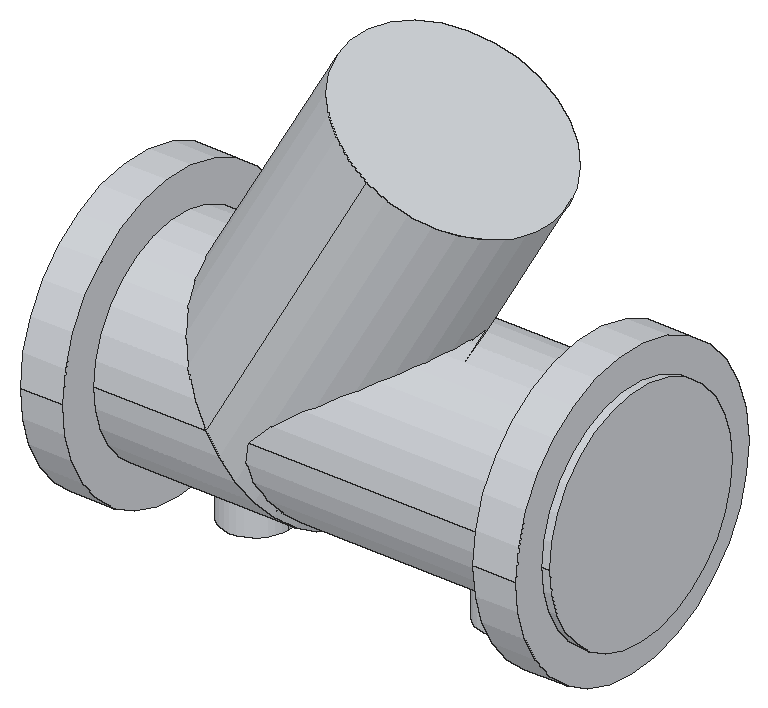
Revit family "HS 821-síto_standard-PN16-DN200-RFA_2019", category Pipe Accessories, Revit 2019
Family settings
  Round Connector Dimension = Use Diameter
  Part Type = Breaks Into
  Work Plane-Based = No
  Always vertical = Yes
  Cut with Voids When Loaded = No
  Shared = No
Parameters (values of type "821A-DN200-PN16-síto_standard")
  magiProductId = "8e5693371ab64aabb29a7f08c76e15"
  magiProductFamilyId = "79214ac3aaa945e397802f559f5c1e"
  magiPartTypeId = 307
  isMeasuringValve [instance] = no
  ang2D [instance] = 0.00°
  ZB__ve = -ZB  # -53 mm
  ZB1 = 107.73 mm
  ZB = 53 mm
  X2 = 188.361 mm
  X1 = 84 mm
  W2D = 15 mm
  VersionID = "2.0/2017.9.26.1/ZETKAMA_821_001"
  Use Minimum Symbol Size [instance] = yes
  URL = "www.hydronix.cz"
  Type Comments = "Filtr přírubový; síto standardní; A-PN16 (-10~300°C); D-PN25 (-10~350°C); F-PN40 (-10~400°C)"
  S = 266 mm
  QmdConnectorList = "301;D;302;D"
  Productdata [instance] = ""
  Manufacturer = "Hydronix"
  MC Product Code = "200 193 (821A; DN200; PN16; kvs707; oko síta 1,60mm)"
  LM1 = 48 mm
  LM = 480 mm
  L4 = 150 mm
  L2D_Min = 3048 mm
  L2D = 130 mm
  L2 = 300 mm
  HH2 = 326.25 mm
  FD = 340 mm
  Description = "Filtr přírubový; síto standardní; 821A-PN16; 821D-PN25; 821F-PN40"
  DM1 = 252 mm
  DM = 239.4 mm
  D = 200 mm
  CC = 10.2 mm
  CAT0 = yes
  C1 = 49.8 mm
  C = 60 mm
  BD = 75.411 mm
Types (40, lengths in mm): name | magiProductId | ZB__ve | ZB1 | ZB | X2 | X1 | S | MC Product Code | LM1 | LM | L4 | L2 | HH2 | FD | DM1 | DM | D | CC | C1 | C | BD
  821A-DN015-PN16-síto_standard | "a71bcfe8b393460598b23e8ddf7dc5" | -16.25 | 18.63 | 16.25 | 46.982 | 18.2 | 46 | "200 115 (821A; DN015; PN16; kvs6,3; oko síta 1,00mm)" | 10.4 | 104 | 32.5 | 65 | 81.375 | 95 | 27.6 | 41.4 | 15 | 2.21 | 10.79 | 13 | 13.041
  821A-DN020-PN16-síto_standard | "41cd6c7a12924f4991217528336076" | -17.75 | 22.68 | 17.75 | 51.673 | 21 | 56 | "200 120 (821A; DN020; PN16; kvs11,2; oko síta 1,00mm)" | 12 | 120 | 37.5 | 75 | 89.5 | 105 | 33.6 | 50.4 | 20 | 2.55 | 12.45 | 15 | 15.876
  821A-DN025-PN16-síto_standard | "be378b463ed14c3abf4c9b3ae8cf3a" | -19.25 | 26.325 | 19.25 | 58.601 | 22.4 | 65 | "200 125 (821A; DN025; PN16; kvs14,7; oko síta 1,00mm)" | 12.8 | 128 | 40 | 80 | 101.5 | 115 | 43.2 | 58.5 | 25 | 2.72 | 13.28 | 16 | 18.427
  821A-DN032-PN16-síto_standard | "227a0d18b21540afabe8b6067d35fa" | -23 | 30.78 | 23 | 68.849 | 25.2 | 76 | "200 132 (821A; DN032; PN16; kvs23,7; oko síta 1,00mm)" | 14.4 | 144 | 45 | 90 | 119.25 | 140 | 50.4 | 68.4 | 32 | 3.06 | 14.94 | 18 | 21.546
  821A-DN040-PN16-síto_standard | "d106917c74724141a10440112d0102" | -24.5 | 34.02 | 24.5 | 75.777 | 28 | 84 | "200 140 (821A; DN040; PN16; kvs37,7; oko síta 1,00mm)" | 16 | 160 | 50 | 100 | 131.25 | 150 | 60 | 75.6 | 40 | 3.4 | 16.6 | 20 | 23.814
  821A-DN050-PN16-síto_standard | "8255d456a09e4f6486734f5dd9171b" | -26.75 | 40.095 | 26.75 | 79.061 | 32.2 | 99 | "200 150 (821A; DN050 PN16; kvs57,9; oko síta 1,00mm)" | 18.4 | 184 | 57.5 | 115 | 136.938 | 165 | 73.8 | 89.1 | 50 | 3.91 | 19.09 | 23 | 28.066
  821A-DN065-PN16-síto_standard | "235b1b3e4c0843779a4d5e3716d40a" | -29.75 | 47.79 | 29.75 | 86.927 | 40.6 | 118 | "200 165 (821A; DN065; PN16; kvs101,5; oko síta 1,25mm)" | 23.2 | 232 | 72.5 | 145 | 150.562 | 185 | 94.2 | 106.2 | 65 | 4.93 | 24.07 | 29 | 33.453
  821A-DN080-PN16-síto_standard | "a067f7c5236348ed8c820d16df7214" | -32 | 53.46 | 32 | 104.753 | 43.4 | 132 | "200 180 (821A; DN080; PN16; kvs147,4; oko síta 1,25mm)" | 24.8 | 248 | 77.5 | 155 | 181.438 | 200 | 107.4 | 118.8 | 80 | 5.27 | 25.73 | 31 | 37.422
  821A-DN100-PN16-síto_standard | "c49a648c2747461285837d643703cd" | -35 | 63.18 | 35 | 114.857 | 49 | 156 | "200 190 (821A; DN100; PN16; kvs209,6; oko síta 1,60mm)" | 28 | 280 | 87.5 | 175 | 198.937 | 220 | 131.4 | 140.4 | 100 | 5.95 | 29.05 | 35 | 44.226
  821A-DN125-PN16-síto_standard | "bf68e728a163493cbd2a663b26ebdc" | -39.5 | 74.52 | 39.5 | 131.888 | 56 | 184 | "200 191 (821A; DN125; PN16; kvs326,2; oko síta 1,60mm)" | 32 | 320 | 100 | 200 | 228.438 | 250 | 165 | 165.6 | 125 | 6.8 | 33.2 | 40 | 52.164
  821A-DN150-PN16-síto_standard | "2de770284b654863ae6bc865769dc5" | -44.75 | 85.455 | 44.75 | 155.885 | 67.2 | 211 | "200 192 (821A; DN150; PN16; kvs403; oko síta 1,60mm)" | 38.4 | 384 | 120 | 240 | 270 | 285 | 192 | 189.9 | 150 | 8.16 | 39.84 | 48 | 59.818
  821A-DN200-PN16-síto_standard | "8e5693371ab64aabb29a7f08c76e15" | -53 | 107.73 | 53 | 188.361 | 84 | 266 | "200 193 (821A; DN200; PN16; kvs707; oko síta 1,60mm)" | 48 | 480 | 150 | 300 | 326.25 | 340 | 252 | 239.4 | 200 | 10.2 | 49.8 | 60 | 75.411
  821A-DN250-PN16-síto_standard | "05e37ed948c34047acdd4c42556504" | -62.75 | 129.195 | 62.75 | 255.911 | 102.2 | 319 | "200 194 (821A; DN250; PN16; kvs1234; oko síta 1,60mm)" | 58.4 | 584 | 182.5 | 365 | 443.25 | 405 | 309.6 | 287.1 | 250 | 12.41 | 60.59 | 73 | 90.436
  821A-DN300-PN16-síto_standard | "9ad0af747269428da925480d83ce80" | -71 | 149.85 | 71 | 325.914 | 119 | 370 | "200 195 (821A; DN300; PN16; kvs1916; oko síta 1,60mm)" | 68 | 680 | 212.5 | 425 | 564.5 | 460 | 369.6 | 333 | 300 | 14.45 | 70.55 | 85 | 104.895
  821A-DN350-PN16-síto_standard | "eebc71459bb3451bb4355e7951370a" | -80 | 173.745 | 80 | 356.875 | 137.2 | 429 | "200 196 (821A; DN350; PN16; kvs2621; oko síta 1,60mm)" | 78.4 | 784 | 245 | 490 | 618.125 | 520 | 438 | 386.1 | 350 | 16.66 | 81.34 | 98 | 121.621
  821A-DN400-PN16-síto_standard | "d2f677cb196647e385b2590e7d8abe" | -89 | 194.4 | 89 | 392.237 | 154 | 480 | "200 197 (821A; DN400; PN16; kvs3460; oko síta 1,60mm)" | 88 | 880 | 275 | 550 | 679.375 | 580 | 498 | 432 | 400 | 18.7 | 91.3 | 110 | 136.08
  821D-DN015-PN25-síto_standard | "27ddcbf555414f8ca1fde329bf9087" | -16.25 | 18.63 | 16.25 | 46.982 | 18.2 | 46 | "200 215 (821D; DN015; PN25; kvs6,3; oko síta 1,00mm)" | 10.4 | 104 | 32.5 | 65 | 81.375 | 95 | 27.6 | 41.4 | 15 | 2.21 | 10.79 | 13 | 13.041
  821D-DN020-PN25-síto_standard | "270e0f14012f47189cd0235c18faee" | -17.75 | 22.68 | 17.75 | 51.673 | 21 | 56 | "200 220 (821D; DN020; PN25; kvs11,2; oko síta 1,00mm)" | 12 | 120 | 37.5 | 75 | 89.5 | 105 | 33.6 | 50.4 | 20 | 2.55 | 12.45 | 15 | 15.876
  821D-DN025-PN25-síto_standard | "b9a7fb4aa36643878c637d8e1ab992" | -19.25 | 26.325 | 19.25 | 58.601 | 22.4 | 65 | "200 225 (821D; DN025; PN25; kvs14,7; oko síta 1,00mm)" | 12.8 | 128 | 40 | 80 | 101.5 | 115 | 43.2 | 58.5 | 25 | 2.72 | 13.28 | 16 | 18.427
  821D-DN032-PN25-síto_standard | "6be9a55c4e68400f94eec7e804204c" | -23 | 30.78 | 23 | 68.849 | 25.2 | 76 | "200 232 (821D; DN032; PN25; kvs23,7; oko síta 1,00mm)" | 14.4 | 144 | 45 | 90 | 119.25 | 140 | 50.4 | 68.4 | 32 | 3.06 | 14.94 | 18 | 21.546
  821D-DN040-PN25-síto_standard | "c54511bd7f584ec2984291479612cb" | -24.5 | 34.02 | 24.5 | 75.777 | 28 | 84 | "200 240 (821D; DN040; PN25; kvs37,7; oko síta 1,00mm)" | 16 | 160 | 50 | 100 | 131.25 | 150 | 60 | 75.6 | 40 | 3.4 | 16.6 | 20 | 23.814
  821D-DN050-PN25-síto_standard | "5483b1f596b04cd39b23a14a22c90e" | -26.75 | 40.095 | 26.75 | 79.061 | 32.2 | 99 | "200 250 (821D; DN050; PN25; kvs57,9; oko síta 1,00mm)" | 18.4 | 184 | 57.5 | 115 | 136.938 | 165 | 73.8 | 89.1 | 50 | 3.91 | 19.09 | 23 | 28.066
  821D-DN065-PN25-síto_standard | "767b0f8318e94750bc7a9930ed5b30" | -29.75 | 47.79 | 29.75 | 86.927 | 40.6 | 118 | "200 265 (821D; DN065; PN25; kvs101,5; oko síta 1,25mm)" | 23.2 | 232 | 72.5 | 145 | 150.562 | 185 | 94.2 | 106.2 | 65 | 4.93 | 24.07 | 29 | 33.453
  821D-DN080-PN25-síto_standard | "e21040fa3cc2404b858198f6b73709" | -32 | 53.46 | 32 | 104.753 | 43.4 | 132 | "200 280 (821D; DN080; PN25; kvs147,4; oko síta 1,25mm)" | 24.8 | 248 | 77.5 | 155 | 181.438 | 200 | 107.4 | 118.8 | 80 | 5.27 | 25.73 | 31 | 37.422
  821D-DN100-PN25-síto_standard | "175ca87a506b40b3bc6b82f12f33cf" | -37.25 | 63.18 | 37.25 | 114.857 | 49 | 156 | "200 290 (821D; DN100; PN25; kvs209,6; oko síta 1,60mm)" | 28 | 280 | 87.5 | 175 | 198.937 | 235 | 131.4 | 140.4 | 100 | 5.95 | 29.05 | 35 | 44.226
  821D-DN125-PN25-síto_standard | "77cc98d60da24855999a22dff726b2" | -42.5 | 74.52 | 42.5 | 131.888 | 56 | 184 | "200 291 (821D; DN125; PN25; kvs326,2; oko síta 1,60mm)" | 32 | 320 | 100 | 200 | 228.438 | 270 | 165 | 165.6 | 125 | 6.8 | 33.2 | 40 | 52.164
  821D-DN150-PN25-síto_standard | "9cf8acfcd15547d68e83172d3abcbe" | -47 | 85.455 | 47 | 155.885 | 67.2 | 211 | "200 292 (821D; DN150; PN25; kvs403; oko síta 1,60mm)" | 38.4 | 384 | 120 | 240 | 270 | 300 | 192 | 189.9 | 150 | 8.16 | 39.84 | 48 | 59.818
  821D-DN200-PN25-síto_standard | "16973f3c9ea14389ba8602495a6b64" | -56 | 110.97 | 56 | 188.361 | 84 | 274 | "200 293 (821D; DN200; PN25; kvs707; oko síta 1,60mm)" | 48 | 480 | 150 | 300 | 326.25 | 360 | 252 | 246.6 | 200 | 10.2 | 49.8 | 60 | 77.679
  821F-DN015-PN40-síto_standard | "4c7eaf3c4c0340888b3e684d8a8616" | -16.25 | 18.225 | 16.25 | 46.982 | 18.2 | 45 | "240 615 (821F; DN015; PN40; kvs6,3; oko síta 1,00mm)" | 10.4 | 104 | 32.5 | 65 | 81.375 | 95 | 27.6 | 40.5 | 15 | 2.21 | 10.79 | 13 | 12.757
  821F-DN020-PN40-síto_standard | "aaac5f1ec96b44d6ba96ac2293d66d" | -17.75 | 23.49 | 17.75 | 51.673 | 21 | 58 | "240 620 (821F; DN020; PN40; kvs11,2; oko síta 1,00mm)" | 12 | 120 | 37.5 | 75 | 89.5 | 105 | 33.6 | 52.2 | 20 | 2.55 | 12.45 | 15 | 16.443
  821F-DN025-PN40-síto_standard | "504768023968471481789485b54c7e" | -19.25 | 27.54 | 19.25 | 58.601 | 22.4 | 68 | "240 625 (821F; DN025; PN40; kvs14,7; oko síta 1,00mm)" | 12.8 | 128 | 40 | 80 | 101.5 | 115 | 43.2 | 61.2 | 25 | 2.72 | 13.28 | 16 | 19.278
  821F-DN032-PN40-síto_standard | "165e7f39cf744f329bdf1c400dad12" | -23 | 31.59 | 23 | 68.849 | 25.2 | 78 | "240 632 (821F; DN032; PN40; kvs23,7; oko síta 1,00mm)" | 14.4 | 144 | 45 | 90 | 119.25 | 140 | 50.4 | 70.2 | 32 | 3.06 | 14.94 | 18 | 22.113
  821F-DN040-PN40-síto_standard | "b8903f952089408fbf3a5a632bab1f" | -24.5 | 35.64 | 24.5 | 75.777 | 28 | 88 | "240 640 (821F; DN040; PN40; kvs37,7; oko síta 1,00mm)" | 16 | 160 | 50 | 100 | 131.25 | 150 | 60 | 79.2 | 40 | 3.4 | 16.6 | 20 | 24.948
  821F-DN050-PN40-síto_standard | "c451f97266fe48da8f879cb6a2bd44" | -26.75 | 41.31 | 26.75 | 79.061 | 32.2 | 102 | "240 650 (821F; DN050; PN40; kvs57,9; oko síta 1,00mm)" | 18.4 | 184 | 57.5 | 115 | 136.938 | 165 | 73.8 | 91.8 | 50 | 3.91 | 19.09 | 23 | 28.917
  821F-DN065-PN40-síto_standard | "dc9821e3f9b34e128f6a8c6b34c198" | -29.75 | 49.41 | 29.75 | 86.927 | 40.6 | 122 | "240 665 (821F; DN065; PN40; kvs101,5; oko síta 1,25mm)" | 23.2 | 232 | 72.5 | 145 | 150.562 | 185 | 94.2 | 109.8 | 65 | 4.93 | 24.07 | 29 | 34.587
  821F-DN080-PN40-síto_standard | "689aa1e260f84cf4994f027a1d86b5" | -32 | 55.89 | 32 | 104.753 | 43.4 | 138 | "240 680 (821F; DN080; PN40; kvs147,4; oko síta 1,25mm)" | 24.8 | 248 | 77.5 | 155 | 181.438 | 200 | 107.4 | 124.2 | 80 | 5.27 | 25.73 | 31 | 39.123
  821F-DN100-PN40-síto_standard | "8a45d4e8e2ab425f8c432f21d684f3" | -37.25 | 65.61 | 37.25 | 114.857 | 49 | 162 | "240 690 (821F; DN100; PN40; kvs209,6; oko síta 1,6mm)" | 28 | 280 | 87.5 | 175 | 198.937 | 235 | 131.4 | 145.8 | 100 | 5.95 | 29.05 | 35 | 45.927
  821F-DN125-PN40-síto_standard | "cf073904c006406b8645afa67ea2fc" | -42.5 | 76.14 | 42.5 | 131.888 | 56 | 188 | "240 691 (821F; DN125; PN40; kvs326,2; oko síta 1,6mm)" | 32 | 320 | 100 | 200 | 228.438 | 270 | 165 | 169.2 | 125 | 6.8 | 33.2 | 40 | 53.298
  821F-DN150-PN40-síto_standard | "0153b9ddabe14992a630484929fdbc" | -47 | 88.29 | 47 | 155.885 | 67.2 | 218 | "240 692 (821F; DN150; PN40; kvs403; oko síta 1,6mm)" | 38.4 | 384 | 120 | 240 | 270 | 300 | 192 | 196.2 | 150 | 8.16 | 39.84 | 48 | 61.803
  821F-DN200-PN40-síto_standard | "7fb3fc01dd8d42428c203e3f8dd4d5" | -56 | 115.425 | 56 | 188.361 | 84 | 285 | "240 693 (821F; DN200; PN40; kvs707; oko síta 1,6mm)" | 48 | 480 | 150 | 300 | 326.25 | 360 | 252 | 256.5 | 200 | 10.2 | 49.8 | 60 | 80.797
Reference planes
  plane 1 "Center (Front/Back)": y = 0
  plane 2 "XYPLANE": z = 0
  plane 3 "Center (Left/Right)": x = 0
  plane 4 "109": x = -192
  plane 5 "108": x = 240
  plane 6 "107": x = -240
  plane 7 "105": x = 300
  plane 8 "104": x = -300
  plane 9 "103": y = 0
  plane 10 "102": z = 0
  plane 11 "101": x = -289.8
  plane 12 "100": x = 289.8
  plane 13 "11": x = -108
  plane 14 "10": z = 326.25
  plane 15 "9": x = 80.361
  plane 16 "5": z = -107.73
  plane 17 "4": x = -150
  plane 18 "1": x = 150
Forms (mm)
  Extrusion 1, solid, visible <- "CAT0"
    sketch origin (-240, -750, 0) x (0, 1, 0) y (0, 0, 1)
      loop
        circle (750, 0) r 119.7
    from 0 to 480 <- "LM"
  Extrusion 2, solid
    sketch origin (-300, -750, 0) x (0, 1, 0) y (0, 0, 1)
      loop
        circle (750, 0) r 133
    from 0 to 10.2 <- "CC"
  Extrusion 3, solid
    sketch origin (-289.8, -750, 0) x (0, 1, 0) y (0, 0, 1)
      loop
        circle (750, 0) r 170
    from 0 to 49.8 <- "C1"
  Extrusion 4, solid
    sketch origin (240, -750, 0) x (0, 1, 0) y (0, 0, 1)
      loop
        circle (750, 0) r 170
    from 0 to 49.8 <- "C1"
  Extrusion 5, solid
    sketch origin (289.8, -750, 0) x (0, 1, 0) y (0, 0, 1)
      loop
        circle (750, 0) r 133
    from 0 to 10.2 <- "CC"
  Sweep 6, solid, visible <- "CAT0"
    path origin (750, 0, 0) x (-1, 0, 0) y (0, 0, 1)
      loop
        line (990, 0) -> (858, 0) -> (669.639, 326.25)
    profile origin (-240, 0, 0) x (0, 0, -1) y (0, 1, 0)
      loop
        circle (0, 0) r 126
  Extrusion 7, solid, visible <- "CAT0"
    sketch origin (-750, 0, -107.73) x (1, 0, 0) y (0, 1, 0)
      loop
        circle (600, 0) r 37.705
    from 0 to -53 <- "ZB__ve"
  Extrusion 8, solid, visible <- "CAT0"
    sketch origin (-750, 0, -107.73) x (1, 0, 0) y (0, 1, 0)
      loop
        circle (900, 0) r 37.705
    from 0 to -53 <- "ZB__ve"
  Extrusion 9, solid, not visible
    sketch origin (300, -750, 0) x (0, 1, 0) y (0, 0, 1)
      loop
        circle (750, 0) r 10
    from 0 to -10
  Extrusion 10, solid, not visible
    sketch origin (-300, -750, 0) x (0, 1, 0) y (0, 0, 1)
      loop
        circle (750, 0) r 10
    from 0 to 10
Lines and regions (mm)
  reference lines, not visible
    curve 1: circle (2, 2, 0) r 1 normal (0, 0, 1)
Dimensions and locks
  plane 1 "Center (Front/Back)" to curve 1 = 2 mm
  "LM1": plane 6 "107" to plane 4 "109"
  "LM": plane 6 "107" to plane 5 "108"
  "C": plane 8 "104" to plane 6 "107"
  "L2": plane 3 "Center (Left/Right)" to plane 7 "105"
  "L2": plane 3 "Center (Left/Right)" to plane 8 "104"
  locked: plane 1 "Center (Front/Back)" to plane 9 "103"
  locked: plane 2 "XYPLANE" to plane 10 "102"
  "CC": plane 8 "104" to plane 11 "101"
  "C1": plane 5 "108" to plane 12 "100"
  "X1": plane 4 "109" to plane 13 "11"
  "HH2": plane 2 "XYPLANE" to plane 14 "10"
  "X2": plane 13 "11" to plane 15 "9"
  "ZB1": plane 2 "XYPLANE" to plane 16 "5"
  "L4": plane 8 "104" to plane 17 "4"
  "L2": plane 17 "4" to plane 18 "1"
  Sweep 6 sketch curve to Sweep 6 sketch curve = 0 mm  (x2)
  "DM": diameter of Extrusion 1 sketch curve
  "S": diameter of Extrusion 2 sketch curve
  "FD": diameter of Extrusion 3 sketch curve
  "FD": diameter of Extrusion 4 sketch curve
  "S": diameter of Extrusion 5 sketch curve
  "DM1": diameter of Sweep 6 sketch curve
  "BD": diameter of Extrusion 7 sketch curve
  "BD": diameter of Extrusion 8 sketch curve
  aligned and locked: level to plane 2 "XYPLANE"
  aligned and locked: Extrusion 1 sketch curve to plane 9 "103"
  aligned and locked: plane 10 "102" to Extrusion 1 sketch curve
  aligned and locked: Extrusion 2 sketch curve to plane 9 "103"
  aligned and locked: plane 10 "102" to Extrusion 2 sketch curve
  aligned and locked: Extrusion 3 sketch curve to plane 9 "103"
  aligned and locked: plane 10 "102" to Extrusion 3 sketch curve
  aligned and locked: Extrusion 4 sketch curve to plane 9 "103"
  aligned and locked: plane 10 "102" to Extrusion 4 sketch curve
  aligned and locked: Extrusion 5 sketch curve to plane 9 "103"
  aligned and locked: plane 10 "102" to Extrusion 5 sketch curve
  aligned and locked: Sweep 6 sketch curve to plane 9 "103"
  aligned and locked: plane 10 "102" to Sweep 6 sketch curve  (x3)
  aligned and locked: plane 6 "107" to Sweep 6 sketch curve
  aligned and locked: plane 13 "11" to Sweep 6 sketch curve
  aligned and locked: plane 14 "10" to Sweep 6 sketch curve
  aligned and locked: plane 15 "9" to Sweep 6 sketch curve
  aligned and locked: plane 9 "103" to Extrusion 7 sketch curve
  aligned and locked: plane 17 "4" to Extrusion 7 sketch curve
  aligned and locked: plane 9 "103" to Extrusion 8 sketch curve
  aligned and locked: plane 18 "1" to Extrusion 8 sketch curve
  aligned and locked: Extrusion 9 sketch curve to plane 9 "103"
  aligned and locked: plane 10 "102" to Extrusion 9 sketch curve
  aligned and locked: Extrusion 10 sketch curve to plane 9 "103"
  aligned and locked: plane 10 "102" to Extrusion 10 sketch curve
Automatic sketch dimensions
  plane 1 "Center (Front/Back)" to Extrusion 9 sketch curve = 10 mm
  plane 1 "Center (Front/Back)" to Extrusion 10 sketch curve = 10 mm
  plane 3 "Center (Left/Right)" to curve 1 = 2 mm
  radius of curve 1 = 1 mm
Connectors
  piping at (-300, 0, 0), diameter 200, driven by "D"
    settings: on Extrusion 10, index 1, connector inside diameter 609.6 mm, connector length 0 mm, flow factor 0, pipe flow 0.0 L/s, pressure drop 0.0 Pa, fitting loss kfactor 0, connector angle 0.00°, fixture units 0, engagement length 0 mm, angle of deflection 0.00°, flow configuration 0, flow direction 0, fitting loss method 0, system type 29, joint type 0, gender type 0, connector reference index 2, connector utility 0, adjustable connector no, is connector primary yes, connector description ""
  piping at (300, 0, 0), diameter 200, driven by "D"
    settings: on Extrusion 9, index 2, connector inside diameter 609.6 mm, connector length 0 mm, flow factor 0, pipe flow 0.0 L/s, pressure drop 0.0 Pa, fitting loss kfactor 0, connector angle 0.00°, fixture units 0, engagement length 0 mm, angle of deflection 0.00°, flow configuration 0, flow direction 0, fitting loss method 0, system type 29, joint type 0, gender type 0, connector reference index 1, connector utility 0, adjustable connector no, is connector primary no, connector description ""
